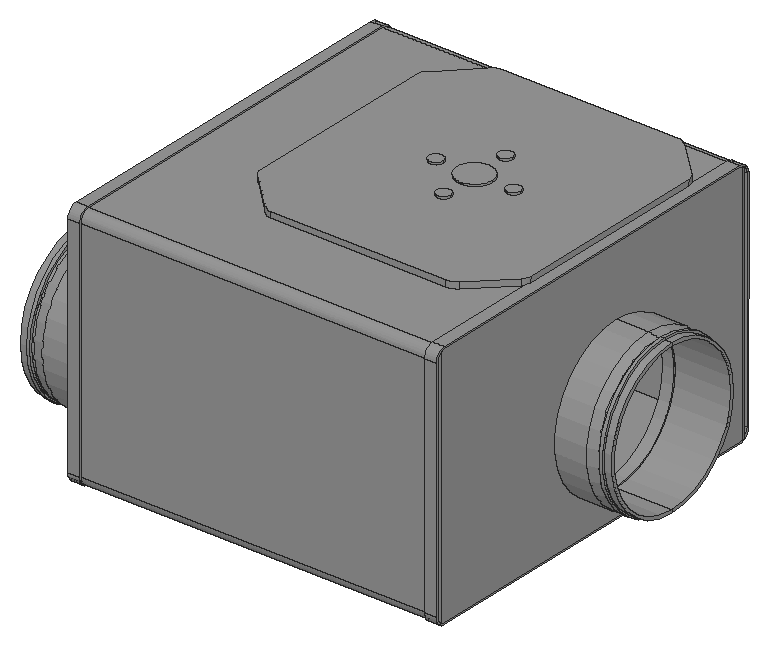
Revit family "LPKB Silent 125 C1 EC_7540624", category Mechanical Equipment, Revit 2014
Parameters (values of type "LPKB Silent 125 C1 EC")
  Wiring diagram = "4040143"
  Width A = Width - 96 mm  # 314 mm
  Width = 410 mm
  Weight = 6.20 kg
  Voltage range = "200-240"
  Voltage = 230 V
  Vertical Distance = 124 mm
  Speed = "3670"
  Sound pressure level at 3 m = "55"
  Radius = Diameter / 2  # 62.5 mm
  Power = 116 W
  Phase = 1
  Max. temperature of transported air when speed controlled = 60 °C
  Max. temperature of transported air = 60 °C
  Main Material = Steel, Galvanized
  Height = 210 mm
  Frequency = 50 Hz
  Elevation [instance] = 2600 mm
  Distance 2 = 190 mm
  Distance 1 = 73 mm
  Diameter = 125 mm
  Description = "SOUND ATTENUATED DUCT FANS WITH CIRCULAR CONNECTIONS"
  Depth = 330 mm
  Current = 0.93 A
  Capacitor = "-"
Reference planes
  plane 1 "Center (Front/Back)": y = 0
  plane 2: z = 0
  plane 3 "Center (Left/Right)": x = 0
  plane 4: x = -157
  plane 5: x = 157
  plane 6: x = -205
  plane 7: x = 205
  plane 8: y = 165
  plane 9: y = -165
  plane 10: z = 2600
  plane 11: y = -92
  plane 12: y = 155
  plane 13: x = 147
  plane 14: x = -84
  plane 15: y = 92
  plane 16: x = 31.5
  plane 17: y = 31.5
Dimensions and locks
  equal spacing: plane 4, plane 3 "Center (Left/Right)", plane 5
  "Width A": plane 4 to plane 5
  equal spacing: plane 6, plane 3 "Center (Left/Right)", plane 7
  "Width": plane 6 to plane 7
  equal spacing: plane 8, plane 1 "Center (Front/Back)", plane 9
  "Depth": plane 8 to plane 9
  "Elevation": plane 10 to level
  "Distance 1": plane 9 to plane 11
  locked: plane 8 to plane 12 at 10
  locked: plane 13 to plane 5 at 10
  "Distance 1": plane 4 to plane 14
  "Distance 1": plane 8 to plane 15
  equal spacing: plane 14, plane 16, plane 13
  equal spacing: plane 12, plane 17, plane 11
  aligned and locked: level to plane 2
  aligned and locked: nested 1 to plane 3 "Center (Left/Right)"
  aligned and locked: nested 1 to plane 1 "Center (Front/Back)"
  aligned and locked: plane 3 "Center (Left/Right)" to nested 2
  aligned and locked: plane 1 "Center (Front/Back)" to nested 2
  aligned and locked: nested 2 to plane 10
Nested families
  nested 1: "Flow direction symbol" at (0, 0, 0) x (-1, 0, 0) z (0, 0, 1), type "Flow direction symbol"
  nested 2: "LPKB Silent" at (0, 0, 2600), type "LPKB Silent"
Connectors
  hvac at (-205, -92, 2686), driven by "Diameter"
    settings: on nested 2, index 1, duct flow 0.0 L/s, flow factor 0, pres drop 0.0 Pa, loss coef 0, conn angle 0.00°, conn width 304.8 mm, conn height 304.8 mm, conn diameter 125 mm, duct sys type 3, conn prof type 0, flow config 0, flow direction 2, loss method 0, conn ref index -1, conn util no, is conn primary yes, conn desc ""
  hvac at (205, 25, 2686), driven by "Diameter"
    settings: on nested 2, index 2, duct flow 0.0 L/s, flow factor 0, pres drop 0.0 Pa, loss coef 0, conn angle 0.00°, conn width 304.8 mm, conn height 304.8 mm, conn diameter 125 mm, duct sys type 1, conn prof type 0, flow config 0, flow direction 2, loss method 0, conn ref index -1, conn util no, is conn primary no, conn desc ""
  electrical at (-197, 92, 2686), driven by "Phase", driven by "Voltage"
    settings: on nested 2, index 3, voltage 230 V, apparent load 0 VA, apparent load phase1 0 VA, apparent load phase2 0 VA, apparent load phase3 0 VA, power factor 1, load classification "Other", number of poles 1, system type 31, power factor state 1, is connector primary yes, connector utility no, sub classification motor no, connector description ""
Definition of nested family "LPKB Silent"
  Parameters (values of type "LPKB Silent")
    Width A = Width - 96 mm  # 314 mm
    Width = 410 mm
    Vertical Distance = 136 mm
    Radius = Diameter / 2  # 62.5 mm
    Main Material = Steel, Galvanized
    Height = 210 mm
    Distance 2 = 190 mm
    Distance 1 = 73 mm
    Diameter = 125 mm
    Description = ""
    Depth = 330 mm
  Reference planes
    plane 1 "Center (Front/Back)": y = 0
    plane 2: z = 0
    plane 3 "Center (Left/Right)": x = 0
    plane 4: x = -157
    plane 5: x = 157
    plane 6: x = -205
    plane 7: x = 205
    plane 8: y = 165
    plane 9: y = -165
    plane 10: z = 210
    plane 11: z = 74
    plane 12: y = -92
    plane 13: y = 155
    plane 14: x = 147
    plane 15: x = -84
    plane 16: y = 92
    plane 17: x = 31.5
    plane 18: y = 31.5
    plane 19: y = 25
  Forms (mm)
    Revolve 1, solid, material "Steel, Galvanized" <- "Main Material", detail levels medium+fine
      sketch origin (157, -92, 1200) x (1, 0, 0) y (0, 0, 1)
        loop
          line (-314, -1063.5) -> (-314, -1059.75) -> (-342.156, -1059.75) -> (-350.609, -1061.24) -> (-352.661, -1061.24) -> (-352.661, -1059.75) -> (-355.459, -1059.75) -> (-355.459, -1061.24) -> (-362, -1061.24) -> (-362, -1063.5) -> (-314, -1063.5)
        axis (-314, -1126) -> (-362, -1126)
      angle from 0 to 360
    Extrusion 2, void
      sketch origin (0, 0, 0) x (1, 0, 0) y (0, 1, 0)
        loop
          line (-147, 155.039) -> (-147, -154.961) -> (146.959, -154.961) -> (146.959, 155.039) -> (-147, 155.039)
      from 10 to 191.508
    Extrusion 3, solid, material "Steel, Galvanized" <- "Main Material", detail levels medium+fine
      sketch origin (0, 0, 0) x (1, 0, 0) y (0, 1, 0)
        loop
          arc (-43.183, 155) -> (-47.858, 153.712) -> (-51.826, 150.956) r 14.179
          line (-51.826, 150.956) -> (-81.305, 121.477)
          arc (-81.305, 121.477) -> (-83.196, 118.632) -> (-84, 115.312) r 9.835
          line (-84, 115.312) -> (-84, -52.313)
          arc (-84, -52.313) -> (-83.196, -55.632) -> (-81.305, -58.477) r 9.835
          line (-81.305, -58.477) -> (-51.826, -87.956)
          arc (-51.826, -87.956) -> (-47.856, -90.729) -> (-43.183, -92) r 14.142
          line (-43.183, -92) -> (105.647, -92)
          arc (105.647, -92) -> (110.32, -90.729) -> (114.29, -87.956) r 14.142
          line (114.29, -87.956) -> (144.168, -58.679)
          arc (144.168, -58.679) -> (146.101, -55.888) -> (147, -52.615) r 10.108
          line (147, -52.615) -> (147, 115.615)
          arc (147, 115.615) -> (146.101, 118.888) -> (144.168, 121.679) r 10.108
          line (144.168, 121.679) -> (113.884, 150.924)
          arc (113.884, 150.924) -> (109.945, 153.773) -> (105.24, 155) r 13.17
          line (105.24, 155) -> (-43.183, 155)
      from 210 to 215
    Sweep 4, solid, material "Steel, Galvanized" <- "Main Material", detail levels medium+fine
      path origin (-157, 864.407, 1200) x (0, 1, 0) y (0, 0, 1)
        loop
          line (-707.407, -990) -> (-1021.407, -990)
          arc (-1021.407, -990) -> (-1027.064, -992.343) -> (-1029.407, -998) r 8
          line (-1029.407, -998) -> (-1029.407, -1192)
          arc (-1029.407, -1192) -> (-1027.064, -1197.657) -> (-1021.407, -1200) r 8
          line (-1021.407, -1200) -> (-707.407, -1200)
          arc (-707.407, -1200) -> (-701.75, -1197.657) -> (-699.407, -1192) r 8
          line (-699.407, -1192) -> (-699.407, -998)
          arc (-699.407, -998) -> (-701.75, -992.343) -> (-707.407, -990) r 8
      profile origin (-157, 0, 210) x (0, 0, -1) y (1, 0, 0)
        loop
          line (0, 0) -> (0, 10) -> (-1, 10) -> (-1, 0) -> (0, 0)
    Extrusion 5, void
      sketch origin (157, 864.407, 1200) x (0, -1, 0) y (0, 0, 1)
        loop
          arc (1021.407, -990) -> (1027.064, -992.343) -> (1029.407, -998) r 8
          line (1029.407, -998) -> (1035.402, -998) -> (1035.402, -983.783) -> (1021.407, -983.783) -> (1021.407, -990)
        loop
          line (707.407, -990) -> (707.407, -983.783) -> (693.411, -983.783) -> (693.411, -998) -> (699.407, -998)
          arc (699.407, -998) -> (701.75, -992.343) -> (707.407, -990) r 8
        loop
          line (1021.407, -1200) -> (1021.407, -1206.217) -> (1035.402, -1206.217) -> (1035.402, -1192) -> (1029.407, -1192)
          arc (1029.407, -1192) -> (1027.064, -1197.657) -> (1021.407, -1200) r 8
        loop
          arc (707.407, -1200) -> (701.75, -1197.657) -> (699.407, -1192) r 8
          line (699.407, -1192) -> (693.411, -1192) -> (693.411, -1206.217) -> (707.407, -1206.217) -> (707.407, -1200)
      from 0 to 473.721
    Sweep 6, solid, material "Steel, Galvanized" <- "Main Material", detail levels medium+fine
      path origin (157, 864.407, 1200) x (0, 1, 0) y (0, 0, -1)
        loop
          arc (-707.407, 990) -> (-701.75, 992.343) -> (-699.407, 998) r 8
          line (-699.407, 998) -> (-699.407, 1192)
          arc (-699.407, 1192) -> (-701.75, 1197.657) -> (-707.407, 1200) r 8
          line (-707.407, 1200) -> (-1021.407, 1200)
          arc (-1021.407, 1200) -> (-1027.064, 1197.657) -> (-1029.407, 1192) r 8
          line (-1029.407, 1192) -> (-1029.407, 998)
          arc (-1029.407, 998) -> (-1027.064, 992.343) -> (-1021.407, 990) r 8
          line (-1021.407, 990) -> (-707.407, 990)
      profile origin (157, 0, 210) x (0, 0, 1) y (-1, 0, 0)
        loop
          line (0, 0) -> (1, 0) -> (1, 10) -> (0, 10) -> (0, 0)
    Extrusion 7, solid, material "Steel, Galvanized" <- "Main Material", detail levels medium+fine
      sketch origin (82.02, -241.107, 0) x (1, 0, 0) y (0, 1, 0)
        loop
          arc (-234.02, 406.107) -> (-237.555, 404.643) -> (-239.02, 401.107) r 5
          line (-239.02, 401.107) -> (-239.02, 81.107)
          arc (-239.02, 81.107) -> (-237.555, 77.572) -> (-234.02, 76.107) r 5
          line (-234.02, 76.107) -> (69.98, 76.107)
          arc (69.98, 76.107) -> (73.516, 77.572) -> (74.98, 81.107) r 5
          line (74.98, 81.107) -> (74.98, 401.107)
          arc (74.98, 401.107) -> (73.516, 404.643) -> (69.98, 406.107) r 5
          line (69.98, 406.107) -> (-234.02, 406.107)
      from 0 to 210
    Revolve 8, solid, material "Steel, Galvanized" <- "Main Material", detail levels medium+fine
      sketch origin (-271.54, 25, 1200) x (-1, 0, 0) y (0, 0, 1)
        loop
          line (-476.54, -1063.5) -> (-428.54, -1063.5) -> (-428.54, -1059.75) -> (-456.697, -1059.75) -> (-465.149, -1061.24) -> (-467.201, -1061.24) -> (-467.201, -1059.75) -> (-469.999, -1059.75) -> (-469.999, -1061.24) -> (-476.54, -1061.24) -> (-476.54, -1063.5)
        axis (-476.54, -1126) -> (-428.54, -1126)
      angle from 0 to 360
    Sweep 9, void
      path origin (157, -92, 1200) x (1, 0, 0) y (0, 0, 1)
        loop
          line (-157, -1126) -> (-362, -1126)
      profile origin (-102.5, -92, 74) x (0, 0, -1) y (0, -1, 0)
        loop
          circle (0, 0) r 62.5
    Sweep 10, void
      path origin (-271.54, 25, 1200) x (-1, 0, 0) y (0, 0, 1)
        loop
          line (-476.54, -1126) -> (-271.54, -1126)
      profile origin (102.5, 25, 74) x (0, 0, 1) y (0, 1, 0)
        loop
          circle (0, 0) r 62.5
    Extrusion 11, solid, material "Steel, Galvanized" <- "Main Material", detail levels coarse
      sketch origin (0, 0, 0) x (1, 0, 0) y (0, 1, 0)
        loop
          line (-157, 165) -> (-157, -165) -> (157, -165) -> (157, 165) -> (-157, 165)
      from 0 to 210
    Extrusion 12, solid, material "Steel, Galvanized" <- "Main Material", detail levels coarse
      sketch origin (31.5, 214.952, 1200) x (0, 1, 0) y (0, 0, 1)
        loop
          circle (-189.952, -1126) r 62.5
      from 125.5 to 173.5
    Extrusion 13, solid, material "Steel, Galvanized" <- "Main Material", detail levels coarse
      sketch origin (31.5, 214.952, 1200) x (0, 1, 0) y (0, 0, 1)
        loop
          circle (-306.952, -1126) r 62.5
      from -236.5 to -188.5
    Extrusion 14, solid, material "Plastic, Opaque Black", detail levels medium+fine
      sketch origin (0, 0, 0) x (1, 0, 0) y (0, 1, 0)
        loop
          circle (31.5, 31.5) r 15
        loop
          circle (64.494, 31.5) r 6
        loop
          circle (-1.494, 31.5) r 6
        loop
          circle (31.5, -1.778) r 6
        loop
          circle (31.5, 64.222) r 6
      from 210 to 216.039
    Sweep 15, solid, material "Plastic"
      path origin (-399.976, 92, 1200) x (-1, 0, 0) y (0, 0, 1)
        loop
          line (-242.976, -1126) -> (-209.517, -1126)
      profile origin (-173.73, 92, 74) x (0, 0, 1) y (0, 1, 0)
        loop
          arc (41.5, 36.5) -> (40.036, 40.036) -> (36.5, 41.5) r 5
          line (36.5, 41.5) -> (-36.5, 41.5)
          arc (-36.5, 41.5) -> (-40.036, 40.036) -> (-41.5, 36.5) r 5
          line (-41.5, 36.5) -> (-41.5, -36.5)
          arc (-41.5, -36.5) -> (-40.036, -40.036) -> (-36.5, -41.5) r 5
          line (-36.5, -41.5) -> (36.5, -41.5)
          arc (36.5, -41.5) -> (40.036, -40.036) -> (41.5, -36.5) r 5
          line (41.5, -36.5) -> (41.5, 36.5)
    Sweep 16, solid, material "Plastic"
      path origin (-399.976, 92, 1200) x (-1, 0, 0) y (0, 0, 1)
        loop
          line (-209.517, -1126) -> (-202.976, -1126)
      profile origin (-193.73, 92, 74) x (0, 0, 1) y (0, 1, 0)
        loop
          line (46.5, -36.5) -> (46.5, 36.5)
          arc (46.5, 36.5) -> (43.571, 43.571) -> (36.5, 46.5) r 10
          line (36.5, 46.5) -> (-36.5, 46.5)
          arc (-36.5, 46.5) -> (-43.571, 43.571) -> (-46.5, 36.5) r 10
          line (-46.5, 36.5) -> (-46.5, -36.5)
          arc (-46.5, -36.5) -> (-43.571, -43.571) -> (-36.5, -46.5) r 10
          line (-36.5, -46.5) -> (36.5, -46.5)
          arc (36.5, -46.5) -> (43.571, -43.571) -> (46.5, -36.5) r 10
  Cuts and joins
    Sweep 9, Sweep 10 cuts Revolve 1
    Extrusion 2, Extrusion 5, Sweep 9, Sweep 10 cuts Extrusion 7
  Dimensions and locks
    equal spacing: plane 4, plane 3 "Center (Left/Right)", plane 5
    "Width A": plane 4 to plane 5
    equal spacing: plane 6, plane 3 "Center (Left/Right)", plane 7
    "Width": plane 6 to plane 7
    equal spacing: plane 8, plane 1 "Center (Front/Back)", plane 9
    "Depth": plane 8 to plane 9
    "Height": plane 10 to level
    "Distance 1": plane 9 to plane 12
    locked: Revolve 1 sketch curve to Revolve 1 sketch curve at 3.75
    "Radius": Revolve 1 sketch curve to Revolve 1 sketch curve
    locked: plane 8 to Extrusion 2 sketch curve at 9.961
    locked: plane 4 to Extrusion 2 sketch curve at 10
    locked: Extrusion 2 sketch curve to plane 9 at 10.039
    locked: Extrusion 2 sketch curve to plane 5 at 10.041
    locked: plane 8 to plane 13 at 10
    locked: plane 14 to plane 5 at 10
    "Distance 1": plane 4 to plane 15
    locked: Extrusion 3 to plane 10 at 5
    locked: Sweep 4 sketch curve to plane 4 at 10
    locked: Sweep 4 sketch curve to plane 10 at 1
    locked: Sweep 6 sketch curve to Sweep 6 sketch curve at 10
    locked: plane 10 to Sweep 6 sketch curve at 1
    locked: Revolve 1 sketch curve to Revolve 1 sketch curve at 2.26
    "Distance 1": plane 8 to plane 16
    "Radius": Revolve 8 sketch curve to Revolve 8 sketch curve
    locked: Revolve 8 sketch curve to Revolve 8 sketch curve at 3.75
    locked: Revolve 8 sketch curve to Revolve 8 sketch curve at 2.26
    equal spacing: plane 15, plane 17, plane 14
    equal spacing: plane 13, plane 18, plane 12
    equal spacing: Extrusion 14 sketch curve, plane 17, Extrusion 14 sketch curve
    locked: plane 17 to Extrusion 14 sketch curve at 32.994
    locked: plane 18 to Extrusion 14 sketch curve at 33.278
    locked: Extrusion 14 sketch curve to plane 18 at 32.722
    locked: Extrusion 14 to plane 10 at 6.039
    Sweep 15 sketch curve to Sweep 15 sketch curve to plane 6 = 33.459 mm locked, 14.541 mm
    Sweep 16 sketch curve to plane 6 = 14.541 mm
    locked: plane 10 to cut or joined group of Extrusion 2, Extrusion 5, Extrusion 7, Sweep 9, Sweep 10 at 18.492
    "Distance 2": plane 19 to plane 9
    "Vertical Distance": plane 10 to plane 11
    radius of Sweep 4 sketch curve = 8 mm  (x4)
    radius of Sweep 6 sketch curve = 8 mm  (x4)
    "Radius": radius of Sweep 9 sketch curve
    "Diameter": diameter of Sweep 10 sketch curve
    "Radius": radius of Extrusion 12 sketch curve
    radius of Extrusion 12 sketch curve = 62.5 mm
    "Radius": radius of Extrusion 13 sketch curve
    radius of Extrusion 14 sketch curve = 15 mm
    radius of Extrusion 14 sketch curve = 6 mm  (x4)
    locked: Extrusion 3 sketch curve to plane 13 (angle 44.0307°)
    locked: plane 13 to Extrusion 3 sketch curve (angle 45.00°)
    locked: plane 15 to Extrusion 3 sketch curve (angle 45.00°)
    locked: Extrusion 3 sketch curve to plane 14 (angle 45.582°)
    aligned and locked: level to plane 2
    aligned and locked: Revolve 1 sketch curve to plane 6
    aligned and locked: plane 4 to Revolve 1 sketch curve
    aligned and locked: Extrusion 3 sketch curve to plane 13
    aligned and locked: plane 15 to Extrusion 3 sketch curve
    aligned and locked: Extrusion 3 to plane 10
    aligned and locked: Extrusion 3 sketch curve to plane 14
    aligned and locked: plane 12 to Extrusion 3 sketch curve
    aligned and locked: Sweep 4 sketch curve to plane 8
    aligned and locked: Sweep 4 sketch curve to plane 10  (x2)
    aligned and locked: plane 9 to Sweep 4 sketch curve
    aligned and locked: level to Sweep 4 sketch curve
    aligned and locked: Sweep 4 sketch curve to plane 4
    aligned and locked: Sweep 6 sketch curve to plane 8
    aligned and locked: level to Sweep 6 sketch curve
    aligned and locked: Sweep 6 sketch curve to plane 10
    aligned and locked: plane 9 to Sweep 6 sketch curve
    aligned and locked: Revolve 1 sketch curve to Revolve 1 sketch curve  (x2)
    aligned and locked: Extrusion 7 sketch curve to plane 8
    aligned and locked: Extrusion 7 sketch curve to plane 5
    aligned and locked: plane 9 to Extrusion 7 sketch curve
    aligned and locked: plane 4 to Extrusion 7 sketch curve
    aligned and locked: plane 10 to Extrusion 7
    aligned and locked: Revolve 8 sketch curve to Revolve 8 sketch curve  (x2)
    aligned and locked: Sweep 9 sketch curve to plane 11
    aligned and locked: plane 3 "Center (Left/Right)" to Sweep 9 sketch curve
    aligned and locked: plane 6 to Sweep 9 sketch curve
    aligned and locked: Sweep 10 sketch curve to plane 11
    aligned and locked: plane 7 to Sweep 10 sketch curve
    aligned and locked: plane 3 "Center (Left/Right)" to Sweep 10 sketch curve
    aligned and locked: nested 1 to plane 3 "Center (Left/Right)"
    aligned and locked: nested 1 to plane 1 "Center (Front/Back)"
    aligned and locked: Extrusion 11 sketch curve to plane 8
    aligned and locked: plane 4 to Extrusion 11 sketch curve
    aligned and locked: plane 9 to Extrusion 11 sketch curve
    aligned and locked: Extrusion 11 sketch curve to plane 5
    aligned and locked: plane 10 to Extrusion 11
    aligned and locked: plane 11 to Extrusion 12 sketch curve
    aligned and locked: plane 12 to Extrusion 13 sketch curve
    aligned and locked: plane 11 to Extrusion 13 sketch curve
    aligned and locked: plane 4 to Extrusion 13
    aligned and locked: Extrusion 13 to plane 6
    aligned and locked: plane 18 to Extrusion 14 sketch curve  (x3)
    aligned and locked: plane 17 to Extrusion 14 sketch curve  (x3)
    aligned and locked: Extrusion 14 to plane 10
    aligned and locked: plane 5 to Sweep 6 sketch curve
    aligned and locked: Sweep 15 sketch curve to plane 11
    aligned and locked: Sweep 16 sketch curve to plane 11
    aligned and locked: Sweep 15 to plane 4
    aligned and locked: Sweep 16 to Sweep 15
    aligned and locked: plane 19 to Extrusion 12 sketch curve
    aligned and locked: plane 19 to Sweep 10 sketch curve
    aligned and locked: plane 11 to Sweep 10 sketch curve
    aligned and locked: Extrusion 12 to plane 5
    aligned and locked: plane 7 to Extrusion 12
  Automatic sketch dimensions
    Extrusion 5 sketch curve to plane 8 = 0 mm  (x2)
    Extrusion 5 sketch curve to plane 10 = 0 mm  (x2)
    Extrusion 5 sketch curve to level = 0 mm  (x2)
    Extrusion 5 sketch curve to plane 9 = 0 mm  (x2)
    plane 8 to Extrusion 5 sketch curve = 5.995 mm  (x2)
    plane 13 to Extrusion 5 sketch curve = 2 mm  (x2)
    Extrusion 5 sketch curve to Extrusion 5 sketch curve = 8 mm
    plane 9 to Extrusion 5 sketch curve = 8 mm
    Extrusion 5 sketch curve to plane 9 = 5.995 mm
    Extrusion 5 sketch curve to Extrusion 5 sketch curve = 5.995 mm
    Extrusion 5 sketch curve to level = 6.217 mm  (x2)
    plane 10 to Extrusion 5 sketch curve = 6.217 mm
    Extrusion 5 sketch curve to Extrusion 5 sketch curve = 6.217 mm
    Sweep 6 sketch curve to profile plane = 0 mm
    plane 4 to Extrusion 7 sketch curve = 5 mm
    Extrusion 7 sketch curve to Extrusion 7 sketch curve = 5 mm
    Extrusion 7 sketch curve to plane 5 = 5 mm  (x2)
    plane 15 to Extrusion 3 sketch curve = 2.695 mm  (x2)
    plane 15 to Extrusion 3 sketch curve = 9.816 mm
    Extrusion 3 sketch curve to plane 13 = 4.044 mm  (x2)
    Extrusion 3 sketch curve to plane 12 = 4.044 mm  (x2)
    plane 15 to Extrusion 3 sketch curve = 32.174 mm
    Extrusion 3 sketch curve to Extrusion 3 sketch curve = 8.643 mm  (x3)
    Extrusion 3 sketch curve to plane 13 = 14.112 mm
    Extrusion 3 sketch curve to plane 12 = 14.08 mm  (x2)
    Extrusion 3 sketch curve to Extrusion 3 sketch curve = 1.32 mm
    Extrusion 3 sketch curve to plane 14 = 10.058 mm
    Extrusion 3 sketch curve to plane 14 = 2.832 mm  (x2)
    Extrusion 3 sketch curve to plane 12 = 33.321 mm
    Extrusion 3 sketch curve to Extrusion 3 sketch curve = 6.064 mm
    Extrusion 3 sketch curve to Extrusion 3 sketch curve = 6.165 mm
    Extrusion 3 sketch curve to Extrusion 3 sketch curve = 6.784 mm
    Extrusion 3 sketch curve to Extrusion 3 sketch curve = 7.068 mm
    Extrusion 3 sketch curve to Extrusion 3 sketch curve = 0 mm  (x2)
    Extrusion 3 sketch curve to Extrusion 3 sketch curve = 1.004 mm
    Extrusion 3 sketch curve to Extrusion 3 sketch curve = 0.62 mm
    Extrusion 3 sketch curve to Extrusion 3 sketch curve = 1.373 mm
    Extrusion 3 sketch curve to Extrusion 3 sketch curve = 9.557 mm
    Extrusion 3 sketch curve to plane 13 = 13.138 mm
    profile plane to Sweep 15 sketch curve = 41.5 mm
    Sweep 15 sketch curve to Sweep 15 sketch curve = 5 mm  (x3)
    Sweep 15 sketch curve to profile plane = 36.5 mm  (x2)
    Sweep 15 sketch curve to plane 16 = 41.5 mm
    plane 16 to Sweep 15 sketch curve = 36.5 mm
    profile plane to Sweep 16 sketch curve = 46.5 mm
    Sweep 16 sketch curve to Sweep 16 sketch curve = 10 mm  (x3)
    Sweep 16 sketch curve to profile plane = 36.5 mm  (x2)
    Sweep 16 sketch curve to plane 16 = 46.5 mm
    plane 16 to Sweep 16 sketch curve = 36.5 mm
    Sweep 16 sketch curve to Sweep 16 sketch curve = 6.541 mm
    Revolve 1 sketch curve to plane 11 = 0 mm
    plane 6 to Revolve 1 sketch curve = 6.541 mm
    Revolve 1 sketch curve to Revolve 1 sketch curve = 2.798 mm
    Revolve 1 sketch curve to Revolve 1 sketch curve = 2.052 mm
    Revolve 1 sketch curve to Revolve 1 sketch curve = 8.453 mm
    Revolve 1 sketch curve to plane 6 = 247 mm
    plane 15 to Revolve 1 sketch curve = 5 mm
    Revolve 8 sketch curve to plane 11 = 0 mm
    Revolve 8 sketch curve to plane 7 = 0 mm
    Revolve 8 sketch curve to plane 5 = 0 mm
    Revolve 8 sketch curve to Revolve 8 sketch curve = 6.541 mm
    Revolve 8 sketch curve to Revolve 8 sketch curve = 2.798 mm
    Revolve 8 sketch curve to Revolve 8 sketch curve = 2.052 mm
    Revolve 8 sketch curve to Revolve 8 sketch curve = 8.453 mm
    plane 7 to Revolve 8 sketch curve = 85 mm
    Revolve 8 sketch curve to plane 14 = 52 mm
    Sweep 9 sketch curve to plane 12 = 0 mm
    Sweep 9 sketch curve to profile plane = 0 mm
  Nested families
    nested 1: "Flow direction symbol" at (0, 0, 0) x (-1, 0, 0) z (0, 0, 1), type "Flow direction symbol"
  Connectors
    hvac at (205, 25, 74), driven by "Diameter"
      settings: on Revolve 8, index 3, duct flow 0.0 L/s, flow factor 0, pres drop 0.0 Pa, loss coef 0, conn angle 0.00°, conn width 304.8 mm, conn height 304.8 mm, conn diameter 125 mm, duct sys type 1, conn prof type 0, flow config 0, flow direction 1, loss method 0, conn ref index -1, conn util no, is conn primary yes, conn desc ""
    hvac at (-205, -92, 74), driven by "Diameter"
      settings: on cut or joined group of Revolve 1, Sweep 9, Sweep 10, index 4, duct flow 0.0 L/s, flow factor 0, pres drop 0.0 Pa, loss coef 0, conn angle 0.00°, conn width 304.8 mm, conn height 304.8 mm, conn diameter 125 mm, duct sys type 3, conn prof type 0, flow config 0, flow direction 2, loss method 0, conn ref index -1, conn util no, is conn primary no, conn desc ""
    electrical at (-197, 92, 74)
      settings: on Sweep 16, index 5, voltage 230 V, apparent load 0 VA, apparent load phase1 0 VA, apparent load phase2 0 VA, apparent load phase3 0 VA, power factor 1, load classification "Other", number of poles 1, system type 31, power factor state 1, is connector primary yes, connector utility no, sub classification motor no, connector description ""
  Definition of nested family "Flow direction symbol"
    Parameters (values of type "Flow direction symbol")
      Warning = "!"
      Text = "DIMENSIONS OVERCONSTRAINT"
    Reference planes
      plane 1: y = 0
      plane 2: x = 0
    Lines and regions (mm)
      detail lines
        curve 1: line (-0.506, 0.877, 0) -> (-0.506, -0.877, 0)
        curve 2: line (1.012, 0, 0) -> (-0.506, -0.877, 0)
        curve 3: line (-0.506, 0.877, 0) -> (1.012, 0, 0)
        curve 4: circle (0, 0, 0) r 1 normal (0, 0, 1)
Definition of nested family "Flow direction symbol"
  Parameters (values of type "Flow direction symbol")
    Warning = "!"
    Text = "DIMENSIONS OVERCONSTRAINT"
  Reference planes
    plane 1: y = 0
    plane 2: x = 0
  Lines and regions (mm)
    detail lines
      curve 1: line (-0.506, 0.877, 0) -> (-0.506, -0.877, 0)
      curve 2: line (1.012, 0, 0) -> (-0.506, -0.877, 0)
      curve 3: line (-0.506, 0.877, 0) -> (1.012, 0, 0)
      curve 4: circle (0, 0, 0) r 1 normal (0, 0, 1)
